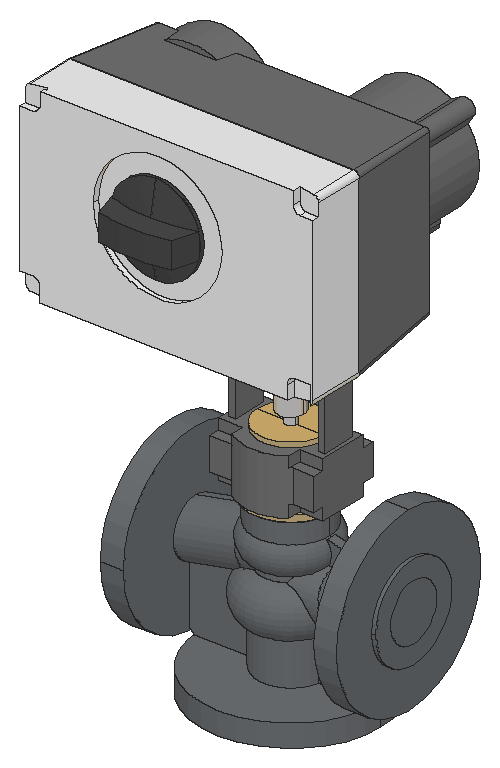
Revit family "VF3_DN15-DN100_AMV(E) 438 SU_RFA_2", category Pipe Accessories, Revit 2019
Family settings
  Round Connector Dimension = Use Diameter
  Part Type = Valve - Breaks Into
  OmniClass Number = 23.65.55.14.17
  OmniClass Title = Adjusting/Controlling Valves for Liquid Services
  Work Plane-Based = No
  Always vertical = Yes
  Cut with Voids When Loaded = No
  Shared = No
Parameters (values of type "VF3_DN15_Kv0.63_065Z0251")
  l_Top = 3 mm
  W = if(DN > 32 mm, D_Flange, 137.6 mm)  # 137.6 mm
  Voltage = if(Actuator Type = [082H0123], 230 V, 24 V)  # 24 V
  V_SMALL LOD 200 = if(and(LOD 200, DN < 100 mm), 1 = 1, 1 = 0)  # no
  TL = L2 * 2  # 130 mm
  Power = if(Actuator Type = [082H0121], 14 VA, 12 VA)  # 14 VA
  Nominal Pressure = "PN 16"  # constant formula
  L_EXT = 80 mm
  L = L2 * 2  # 130 mm
  HR = 27 mm
  ang2D [instance] = 0.00°
  Z = 22.25 mm
  Y1 = 15 mm
  Weight = 2.61 kg
  W2D = 15 mm
  W2 = 16 mm
  W1 = 17 mm
  Valve Body Material = Danfoss Grey Iron
  V_SMALL = if(and(LOD 350, DN < 100 mm), 1 = 1, 1 = 0)  # yes
  V_DN100 = if(DN > 80 mm, 1 = 1, 1 = 0)  # no
  Use Minimum Symbol Size [instance] = no
  URL = "https://store.danfoss.com/en/Climate-Solutions-for-heating/Motorised-Control-Valves-/Globe-Valves/Valves-for-Heating-and-Cooling/c/4105?q=%3Arelevance%3Adanfoss_producttypehierarchydesc%3Ae5a83680a2ce9032a48df51b56ab71b31be6d845%3Adanfoss_a50461501115_fts%3ATA1_1501116%3Adanfoss_a1015338478.nominal%3A15.0%3Adanfoss_a1015338478.nominal%3A20.0%3Adanfoss_a1015338478.nominal%3A25.0%3Adanfoss_a1015338478.nominal%3A32.0%3Adanfoss_a1015338478.nominal%3A40.0%3Adanfoss_a1015338478.nominal%3A65.0%3Adanfoss_a1015338478.nominal%3A80.0%3Adanfoss_a1015338478.nominal%3A100.0&page=0&pageSize=10"
  Stroke = "10 mm"
  R_arc = 30 mm
  R_Top = 12.5 mm
  R6_2 = 26 mm
  R6 = 22.5 mm
  R_Flow Pipe = 15 mm
  R4 = 2.75 mm
  R_Flange Bottom = 48 mm
  R2_Revolve = 6 mm
  R2 = 11 mm
  R1_Revolve = 9 mm
  R1_2 = 12.5 mm
  R1_1_1 = 15.5 mm
  R1_1 = 16 mm
  R1 = 20.5 mm
  R = 7.5 mm
  Pressure Drop [instance] = 0.0 bar
  Offset Flow Pipe_1 = 7 mm
  Offset Flow Pipe_2 = 6.47 mm
  N2 = 5 mm
  N1 = 12.7 mm
  N = 4
  Model Type = "VF3_DN15_Kv0.63"
  Model = "065Z0251"
  Min Medium Temperature = "-10 °C"  # constant formula
  Max Medium Temperature = "130 °C"  # constant formula
  Manufacturer = "Danfoss"  # constant formula
  M = 2 mm
  L_S = 48 mm
  LOD 350 = not(LOD 200)  # yes
  LOD 200 = no
  LM1 = 55 mm
  LM = 110 mm
  L2D_Min = 30.48 mm
  L2D = 130 mm
  L2 = 65 mm
  Kvs = 0.63 m³/h
  K = 65 mm
  IfcExportType = "VF3"  # constant formula
  IfcExportAs = "IfcValveType"  # constant formula
  HT2 = 23.5 mm
  HT1 = 42.75 mm
  HR1 = 23 mm
  TH1 = HH1 + 10 mm  # 95 mm
  HH1 = 85 mm
  HE1 = 54 mm
  HE = 0 mm
  HD = 14 mm
  HB3 = 2.5 mm
  HB2__ve = -HB2  # -8.5 mm
  HB2 = 8.5 mm
  HB1__ve = -HB1  # -40 mm
  HB1 = 40 mm
  H1 = 31 mm
  H2 = 95 mm
  H [instance] = 278.7 mm
  Flow [instance] = 0.0 m³/h
  Flange Bottom Depth = 12 mm
  EXT3 = 20 mm
  D_Connection End = 50 mm
  D_Flange = 95 mm
  Extrusion Top 2 = 5 mm
  Extrusion Top = 21 mm
  Extrusion Bottom = 48.5 mm
  EXT2 = -50 mm
  Description = "Motorized Control Valve"  # constant formula
  R_Vertical Valve = 18 mm
  DN15 to DN50 = if(and(DN > 10 mm, DN < 65 mm), 1 = 1, 1 = 0)  # yes
  DN = 15 mm
  D = DN  # 15 mm
  Connection = "Flange"  # constant formula
  C__ve = -C  # -2.5 mm
  CAT = 0
  C2_ve = -Depth_Flange  # -12 mm
  Depth_Flange = 12 mm
  C1 = 8 mm
  C = 2.5 mm
  HH2 = 63 mm
  Adapter assembly = 1.5 mm
  Adapter Type = Adapter_AMV(E)_RFA : Adapter_AMV(E) 15(25)(35)_DN15-50_065Z0311
  Actuator Type = AMV(E) 438 SU_RFA : AMV 438 SU_24V_082H0122
  A_Flow Pipe = 166.00°
  A2 = 47.1206°
  A3 = 13.00°
  A1_Flow Pipe = 168.00°
  A1 = 3 mm
  082H0123 = AMV(E) 438 SU_RFA : AMV 438 SU_230V_082H0123
  082H0121 = AMV(E) 438 SU_RFA : AMV 438 SU_24V_082H0122
Reference planes
  plane 1 "Center (Front/Back)": y = 0
  plane 2 "XYPLANE": z = 0
  plane 3 "Center (Left/Right)": x = 0
  plane 4 "110": z = -40
  plane 5 "109": z = -63
  plane 6 "108": x = -62.5
  plane 7 "107": x = 65
  plane 8 "106": x = -65
  plane 9 "105": y = 0
  plane 10 "104": z = 0
  plane 11 "103": x = 0
  plane 12 "101": z = 85
  plane 13 "1": x = 62.5
  plane 14 "X1": z = 31
  plane 15 "X2": z = 31
  plane 16 "3": z = 54
  plane 17 "4": z = -60.5
  plane 18: z = 81.5
  plane 19: z = 79.5
  plane 20: x = 3
  plane 21: z = -48.5
  plane 22: z = -45.5
  plane 23: z = 21
  plane 24 "y1": x = 17.5
  plane 25: z = 5
  plane 26: x = 48
  plane 27: x = -16
  plane 28: x = -17.5
  plane 29: x = 85
  plane 30: x = -85
  plane 31: x = -55
  plane 32: x = 55
  plane 33: y = -85
  plane 34: y = 85
  plane 35: y = 55
  plane 36: y = -55
  plane 37: y = -47.5
  plane 38: y = 47.5
  plane 39: z = 32.5
Forms (mm)
  Extrusion 1, solid, material "Danfoss Grey Iron" <- "Valve Body Material", detail levels fine
    sketch origin (0, 0, 0) x (1, 0, 0) y (0, 1, 0)
      loop
        circle (0, 0) r 18
    from -22.1 to -50 <- "EXT2"
  Extrusion 2, solid, material "Danfoss Grey Iron" <- "Valve Body Material", detail levels fine
    sketch origin (-65, -750, 0) x (0, 1, 0) y (0, 0, 1)
      loop
        circle (750, 0) r 25
    from 0 to 2.5 <- "C"
  Extrusion 3, solid, material "Danfoss Grey Iron" <- "Valve Body Material", detail levels fine
    sketch origin (65, -750, 0) x (0, 1, 0) y (0, 0, 1)
      loop
        circle (750, 0) r 25
    from 0 to -2.5 <- "C__ve"
  Extrusion 4, solid, material "Danfoss Grey Iron" <- "Valve Body Material", visible <- "V_SMALL", detail levels fine
    sketch origin (0, 0, 0) x (1, 0, 0) y (0, 1, 0)
      loop
        circle (0, 0) r 20.5
      loop
        circle (0, 0) r 16
    from 20 <- "EXT3" to 31 <- "H1"
  Extrusion 5, solid, not visible
    sketch origin (-750, 0, -63) x (1, 0, 0) y (0, 1, 0)
      loop
        circle (750, 0) r 10
    from 0 to 10
  Extrusion 6, solid, not visible
    sketch origin (65, -750, 0) x (0, 1, 0) y (0, 0, 1)
      loop
        circle (750, 0) r 10
    from 0 to -10
  Extrusion 7, solid, not visible
    sketch origin (-65, -750, 0) x (0, 1, 0) y (0, 0, 1)
      loop
        circle (750, 0) r 10
    from 0 to 10
  Extrusion 8, solid, material "Danfoss Grey Iron" <- "Valve Body Material", detail levels fine
    sketch origin (-62.5, -750, 0) x (0, 1, 0) y (0, 0, 1)
      loop
        circle (750, 0) r 47.5
    from 0 to 12 <- "Depth_Flange"
  Extrusion 9, solid, material "Danfoss Grey Iron" <- "Valve Body Material", detail levels fine
    sketch origin (62.5, 0, 0) x (0, 0, 1) y (0, -1, 0)
      loop
        circle (0, 0) r 47.5
    from 0 to -12 <- "C2_ve"
  Extrusion 10, solid, material "Danfoss Brass", visible <- "LOD 350", detail levels fine
    sketch origin (0, 0, 31) x (-1, 0, 0) y (0, -1, 0)
      loop
        circle (0, 0) r 12.5
    from -10 to 0 <- "HE"
  Extrusion 11, solid, material "Danfoss Brass", visible <- "LOD 350", detail levels fine
    sketch origin (0, 0, 31) x (-1, 0, 0) y (0, -1, 0)
      loop
        circle (0, 0) r 15.5
    from 0 to -10
  Extrusion 12, solid, material "Danfoss Grey Iron" <- "Valve Body Material", visible <- "LOD 350", detail levels fine
    sketch origin (0, 0, 0) x (1, 0, 0) y (0, 0, 1)
      loop
        line (-50.5, -45.5) -> (-47.714, -48.5) -> (47.714, -48.5) -> (50.5, -45.5) -> (50.5, 0) -> (-50.5, 0) -> (-50.5, -45.5)
    from -4 to 4
  Extrusion 13, solid, material "Danfoss Grey Iron" <- "Valve Body Material", detail levels fine
    sketch origin (0, 0, -60.5) x (-1, 0, 0) y (0, -1, 0)
      loop
        circle (0, 0) r 48
    from 0 to 12 <- "Flange Bottom Depth"
  Revolve 14, solid, material "Danfoss Grey Iron" <- "Valve Body Material", visible <- "V_SMALL LOD 200", detail levels fine
    sketch origin (0, 0, 0) x (1, 0, 0) y (0, 0, 1)
      loop
        line (0, 30) -> (0, -30)
        arc (0, -30) -> (21.213, -21.213) -> (30, 0) r 30
        arc (30, 0) -> (21.213, 21.213) -> (0, 30) r 30
      axis (0, 30) -> (0, -30)
    angle from 0 to 360
  Revolve 15, solid, material "Danfoss Stainless Steel AISI 304 / AISI 316L", detail levels fine
    sketch origin (0, 0, 0) x (1, 0, 0) y (0, 0, 1)
      loop
        line (0, 54) -> (3, 54) -> (3, 79.5) -> (2, 79.5) -> (2, 81.5) -> (3, 81.5) -> (3, 82.495) -> (1.246, 85) -> (0, 85) -> (0, 54)
      axis (0, 85) -> (0, 54)
    angle from 0 to 360
  Blend 16, solid, material "Danfoss Grey Iron" <- "Valve Body Material", detail levels fine
    base sketch origin (-750, 0, -63) x (1, 0, 0) y (0, 1, 0)
      loop
        circle (750, 0) r 22.5
    top sketch origin (-750, 0, -63) x (1, 0, 0) y (0, 1, 0)
      loop
        circle (750, 0) r 26
    from 0 to 2.5 <- "HB3"
  Sweep 17, solid, material "Danfoss Grey Iron" <- "Valve Body Material", detail levels fine
    path origin (0, 0, 0) x (1, 0, 0) y (0, 0, 1)
      loop
        line (-65, 0) -> (-50.5, 0) -> (-17.568, 7) -> (0, 7)
    profile origin (-57.75, 0, 0) x (0, 0, 1) y (0, -1, 0)
      loop
        circle (0, 0) r 15
  Sweep 18, solid, material "Danfoss Grey Iron" <- "Valve Body Material", detail levels fine
    path origin (0, 0, 0) x (1, 0, 0) y (0, 0, 1)
      loop
        line (69.52, 0) -> (52.304, 0) -> (26.352, -6.47) -> (0, -6.47)
    profile origin (60.912, 0, 0) x (0, 0, -1) y (0, -1, 0)
      loop
        circle (0, 0) r 15
  Extrusion 19, solid, material "Danfoss Brass", visible <- "LOD 350", detail levels fine
    sketch origin (0, 0, 31) x (-1, 0, 0) y (0, -1, 0)
      loop
        circle (0, 0) r 12.5
    from 0 to 23
  Extrusion 20, solid, material "Danfoss Grey Iron" <- "Valve Body Material", visible <- "LOD 350", detail levels fine
    sketch origin (0, 0, 0) x (1, 0, 0) y (0, 0, 1)
      loop
        line (17.5, 5) -> (50.5, 5) -> (50.5, 13.381) -> (17.5, 21) -> (17.5, 5)
    from -2.5 to 2.5
  Extrusion 21, void
    sketch origin (0, 0, 0) x (1, 0, 0) y (0, 0, 1)
      loop
        line (65, -40) -> (105, -40) -> (105, 21) -> (65, 21) -> (65, -40)
    from -48.024 to 48.024
  Extrusion 22, solid, material "Danfoss Brass", visible <- "LOD 200", detail levels fine
    sketch origin (0, 0, 31) x (-1, 0, 0) y (0, -1, 0)
      loop
        circle (0, 0) r 12.5
    from 0 to 23
  Extrusion 23, solid, material "Danfoss Grey Iron" <- "Valve Body Material", visible <- "LOD 200", detail levels fine
    sketch origin (0, 0, 0) x (1, 0, 0) y (0, 1, 0)
      loop
        circle (0, 0) r 20.5
    from 0 to 31
  Revolve 24, solid, material "Danfoss Grey Iron" <- "Valve Body Material", visible <- "V_SMALL", detail levels fine
    sketch origin (0, 0, 0) x (1, 0, 0) y (0, 0, 1)
      loop
        line (0, -27) -> (0, 23) -> (-17.5, 23)
        arc (-17.5, 23) -> (-23.469, 12.664) -> (-16, 3.354) r 10.57
        line (-16, 3.354) -> (-16, 0)
        arc (-16, 0) -> (-26.5, -13.5) -> (-16, -27) r 13.929
        line (-16, -27) -> (0, -27)
      axis (0, 23) -> (0, -27)
    angle from 0 to 360
  Extrusion 25, solid, material "Danfoss Grey Iron" <- "Valve Body Material", visible <- "V_DN100", detail levels fine
    sketch origin (0, 0, 0) x (1, 0, 0) y (0, 1, 0)
      loop
        arc (-55, 85) -> (-76.213, 76.213) -> (-85, 55) r 30
        line (-85, 55) -> (-85, -55)
        arc (-85, -55) -> (-76.213, -76.213) -> (-55, -85) r 30
        line (-55, -85) -> (55, -85)
        arc (55, -85) -> (76.213, -76.213) -> (85, -55) r 30
        line (85, -55) -> (85, 55)
        arc (85, 55) -> (76.213, 76.213) -> (55, 85) r 30
        line (55, 85) -> (-55, 85)
    from -72.476 to 72.5
Cuts and joins
  Extrusion 21 cuts Extrusion 3
  Extrusion 21 cuts Extrusion 6
  Extrusion 21 cuts Sweep 18
Lines and regions (mm)
  reference lines, not visible
    curve 1: circle (2, 2, 0) r 1 normal (0, 0, 1)
Dimensions and locks
  plane 1 "Center (Front/Back)" to curve 1 = 2 mm
  "HB1": plane 2 "XYPLANE" to plane 4 "110"
  "HH2": plane 2 "XYPLANE" to plane 5 "109"
  "C": plane 8 "106" to plane 6 "108"
  "L2": plane 3 "Center (Left/Right)" to plane 7 "107"
  "L2": plane 3 "Center (Left/Right)" to plane 8 "106"
  locked: plane 1 "Center (Front/Back)" to plane 9 "105"
  locked: plane 2 "XYPLANE" to plane 10 "104"
  locked: plane 3 "Center (Left/Right)" to plane 11 "103"
  "C": plane 13 "1" to plane 7 "107"
  "H1": plane 14 "X1" to level
  "HE": plane 15 "X2" to plane 14 "X1"
  "HH1": plane 12 "101" to level
  "HE1": plane 16 "3" to level
  plane 18 to plane 19 = 2 mm
  plane 12 "101" to plane 18 = 3.5 mm
  plane 20 to plane 11 "103" = 3 mm
  Revolve 15 sketch curve to Revolve 15 sketch curve = 1 mm  (x2)
  Revolve 15 sketch curve to Revolve 15 sketch curve = 0.995 mm
  "HB3": plane 17 "4" to plane 5 "109"
  "Offset Flow Pipe_1": Sweep 17 sketch curve to Sweep 17 sketch curve
  plane 7 "107" to plane 8 "106" = 130 mm
  "Extrusion Bottom": level to plane 21
  "A1": plane 22 to plane 21
  Extrusion 12 sketch curve to plane 21 = 0 mm  (x2)
  Extrusion 12 sketch curve to plane 22 = 0 mm
  "Offset Flow Pipe_2": Extrusion 12 to Sweep 18 sketch curve
  Sweep 18 sketch curve to Sweep 18 sketch curve = 26.352 mm
  "Extrusion Top": plane 23 to level
  "Extrusion Top 2": plane 25 to level
  Extrusion 20 sketch curve to plane 23 = 0 mm
  Extrusion 21 sketch curve to plane 7 "107" = 40 mm
  "L_S": plane 26 to plane 3 "Center (Left/Right)"
  "W2": plane 3 "Center (Left/Right)" to plane 27
  Revolve 24 sketch curve to Revolve 24 sketch curve = 3.354 mm
  "R1_Revolve": plane 28 to Revolve 24 sketch curve
  "R2_Revolve": plane 28 to Revolve 24 sketch curve
  "HR": level to Revolve 24 sketch curve
  "HR1": Revolve 24 sketch curve to level
  "l_Top": plane 20 to plane 11 "103"
  locked: plane 30 to plane 29 at 170
  equal spacing: plane 30, plane 11 "103", plane 29
  locked: plane 33 to plane 34 at 170
  equal spacing: plane 33, plane 9 "105", plane 34
  "L_EXT": plane 24 "y1" to plane 6 "108"
  "H": nested 2 to plane 5 "109"
  equal spacing: plane 37, plane 1 "Center (Front/Back)", plane 38
  "D_Flange": plane 37 to plane 38
  "Adapter assembly": plane 39 to plane 15 "X2"
  locked: nested 2 to plane 39 at 3.2
  "R_Vertical Valve": radius of Extrusion 1 sketch curve
  "D_Connection End": diameter of Extrusion 2 sketch curve
  "D_Connection End": diameter of Extrusion 3 sketch curve
  "R1": radius of Extrusion 4 sketch curve
  "D_Flange": diameter of Extrusion 8 sketch curve
  "R1_1": radius of Extrusion 4 sketch curve
  "R1_2": radius of Extrusion 10 sketch curve
  "R1_1_1": radius of Extrusion 11 sketch curve
  "R_Flange Bottom": radius of Extrusion 13 sketch curve
  "R_arc": radius of Revolve 14 sketch curve  (x2)
  "R6": radius of Blend 16 sketch curve
  "R6_2": radius of Blend 16 sketch curve
  "D_Flange": diameter of Extrusion 9 sketch curve
  "R_Flow Pipe": radius of Sweep 17 sketch curve
  "R_Flow Pipe": radius of Sweep 18 sketch curve
  "R_Top": radius of Extrusion 19 sketch curve
  "R_Top": radius of Extrusion 22 sketch curve
  "R1": radius of Extrusion 23 sketch curve
  radius of Extrusion 25 sketch curve = 30 mm  (x4)
  "A1_Flow Pipe": angle Sweep 17 sketch curve to level
  "A3": angle Extrusion 20 sketch curve to plane 23
  "A2": angle Extrusion 12 sketch curve to plane 21
  "A2": angle plane 21 to Extrusion 12 sketch curve
  "A_Flow Pipe": angle Sweep 18 sketch curve to level
  aligned and locked: level to plane 2 "XYPLANE"
  aligned and locked: plane 9 "105" to Extrusion 1 sketch curve
  aligned and locked: plane 11 "103" to Extrusion 1 sketch curve
  aligned and locked: Extrusion 2 sketch curve to plane 9 "105"
  aligned and locked: plane 10 "104" to Extrusion 2 sketch curve
  aligned and locked: Extrusion 3 sketch curve to plane 9 "105"
  aligned and locked: plane 10 "104" to Extrusion 3 sketch curve
  aligned and locked: plane 9 "105" to Extrusion 4 sketch curve
  aligned and locked: plane 11 "103" to Extrusion 4 sketch curve
  aligned and locked: plane 9 "105" to Extrusion 5 sketch curve
  aligned and locked: plane 11 "103" to Extrusion 5 sketch curve
  aligned and locked: Extrusion 6 sketch curve to plane 9 "105"
  aligned and locked: plane 10 "104" to Extrusion 6 sketch curve
  aligned and locked: Extrusion 7 sketch curve to plane 9 "105"
  aligned and locked: plane 10 "104" to Extrusion 7 sketch curve
  aligned and locked: plane 1 "Center (Front/Back)" to Extrusion 8 sketch curve
  aligned and locked: plane 1 "Center (Front/Back)" to Extrusion 9 sketch curve
  aligned and locked: plane 3 "Center (Left/Right)" to Extrusion 10 sketch curve
  aligned and locked: Extrusion 8 to Extrusion 12 sketch curve
  aligned and locked: Extrusion 9 to Extrusion 12 sketch curve
  aligned and locked: Extrusion 12 sketch curve to level
  aligned and locked: plane 3 "Center (Left/Right)" to Extrusion 13 sketch curve
  aligned and locked: Revolve 14 sketch curve to plane 3 "Center (Left/Right)"
  aligned and locked: level to Revolve 14 sketch curve
  aligned and locked: Revolve 14 sketch curve to Revolve 14 sketch curve
  aligned and locked: Revolve 15 sketch curve to plane 16 "3"
  aligned and locked: Revolve 15 sketch curve to plane 11 "103"
  aligned and locked: Revolve 15 sketch curve to plane 20
  aligned and locked: Revolve 15 sketch curve to plane 19
  aligned and locked: Revolve 15 sketch curve to plane 12 "101"
  aligned and locked: plane 18 to Revolve 15 sketch curve
  aligned and locked: plane 16 "3" to Revolve 15 sketch curve
  aligned and locked: plane 12 "101" to Revolve 15 sketch curve
  aligned and locked: plane 3 "Center (Left/Right)" to Blend 16 sketch curve  (x2)
  aligned and locked: Sweep 17 sketch curve to plane 8 "106"
  aligned and locked: plane 1 "Center (Front/Back)" to Sweep 17 sketch curve
  aligned and locked: Sweep 17 sketch curve to plane 2 "XYPLANE"
  aligned and locked: Extrusion 8 to Sweep 17 sketch curve
  aligned and locked: plane 1 "Center (Front/Back)" to Sweep 18 sketch curve
  aligned and locked: plane 3 "Center (Left/Right)" to Sweep 17 sketch curve
  aligned and locked: plane 3 "Center (Left/Right)" to Sweep 18 sketch curve
  aligned and locked: plane 25 to Extrusion 20 sketch curve
  aligned and locked: plane 24 "y1" to Extrusion 20 sketch curve
  aligned and locked: Extrusion 9 to Extrusion 20 sketch curve
  aligned and locked: Extrusion 21 sketch curve to plane 4 "110"
  aligned and locked: Extrusion 21 sketch curve to plane 7 "107"
  aligned and locked: Extrusion 12 sketch curve to plane 21
  aligned and locked: plane 22 to Extrusion 12 sketch curve
  aligned and locked: plane 16 "3" to Extrusion 22
  aligned and locked: plane 15 "X2" to Extrusion 23
  aligned and locked: Extrusion 11 to plane 23
  aligned and locked: plane 28 to Revolve 24 sketch curve
  aligned and locked: Revolve 24 sketch curve to plane 27
  aligned and locked: plane 3 "Center (Left/Right)" to Revolve 24 sketch curve
  aligned and locked: level to Revolve 24 sketch curve
  aligned and locked: Extrusion 4 to Revolve 24 sketch curve
  aligned and locked: Revolve 24 sketch curve to plane 11 "103"
  aligned and locked: level to Sweep 18 sketch curve
  aligned and locked: plane 34 to Extrusion 25 sketch curve
  aligned and locked: Extrusion 25 sketch curve to plane 33
  aligned and locked: plane 30 to Extrusion 25 sketch curve
  aligned and locked: plane 3 "Center (Left/Right)" to nested 1
  aligned and locked: plane 16 "3" to Extrusion 19
  aligned and locked: Extrusion 10 to plane 23
  aligned and locked: nested 3 to plane 9 "105"
  aligned and locked: nested 2 to plane 9 "105"
  aligned and locked: plane 11 "103" to nested 3
  aligned and locked: nested 3 to plane 39
  aligned and locked: plane 11 "103" to nested 2
Automatic sketch dimensions
  plane 1 "Center (Front/Back)" to Extrusion 5 sketch curve = 10 mm
  plane 1 "Center (Front/Back)" to Extrusion 6 sketch curve = 10 mm
  plane 1 "Center (Front/Back)" to Extrusion 7 sketch curve = 10 mm
  plane 3 "Center (Left/Right)" to curve 1 = 2 mm
  Extrusion 21 sketch curve to plane 23 = 0 mm
  Extrusion 25 sketch curve to plane 32 = 0 mm
  Extrusion 4 sketch curve to Extrusion 4 sketch curve = 0 mm  (x2)
  Extrusion 8 sketch curve to level = 0 mm
  Extrusion 9 sketch curve to level = 0 mm
  plane 1 "Center (Front/Back)" to Extrusion 10 sketch curve = 0 mm
  plane 1 "Center (Front/Back)" to Extrusion 11 sketch curve = 0 mm
  Extrusion 11 sketch curve to plane 3 "Center (Left/Right)" = 0 mm
  plane 1 "Center (Front/Back)" to Extrusion 13 sketch curve = 0 mm
  Revolve 14 sketch curve to plane 4 "110" = 0 mm
  Revolve 14 sketch curve to plane 14 "X1" = 0 mm
  Revolve 15 sketch curve to plane 3 "Center (Left/Right)" = 0 mm
  plane 3 "Center (Left/Right)" to Revolve 15 sketch curve = 1.246 mm
  plane 1 "Center (Front/Back)" to Blend 16 sketch curve = 0 mm  (x2)
  profile plane to Sweep 17 sketch curve = 0 mm
  plane 7 "107" to Sweep 18 sketch curve = 4.52 mm
  Sweep 18 sketch curve to profile plane = 0 mm
  plane 1 "Center (Front/Back)" to Extrusion 19 sketch curve = 0 mm
  Extrusion 19 sketch curve to plane 3 "Center (Left/Right)" = 0 mm
  plane 1 "Center (Front/Back)" to Extrusion 22 sketch curve = 0 mm
  Extrusion 22 sketch curve to plane 3 "Center (Left/Right)" = 0 mm
  plane 1 "Center (Front/Back)" to Extrusion 23 sketch curve = 0 mm
  Extrusion 23 sketch curve to plane 3 "Center (Left/Right)" = 0 mm
  Revolve 24 sketch curve to plane 27 = 0 mm
  Revolve 24 sketch curve to plane 4 "110" = 0.457 mm
  radius of curve 1 = 1 mm
Nested families
  nested 1: "Schematic_3-Way Valve_Flange" at (0, 0, 0), type "Schematic_3-Way Valve_Flange", detail levels coarse+medium
    with L_1 43.333 mm, L1 8.125 mm, L 130 mm, H1 63 mm, H 85 mm, D1 48 mm
  nested 2: "AMV(E) 438 SU_RFA" at (0, 0, 35.7), LOD 200 <- "LOD 200", type <- "Actuator Type", Voltage <- "Voltage", Power <- "Power", visible <- "DN15 to DN50", type "AMV 438 SU_24V_082H0122", detail levels fine
    with Voltage 24 V, Power 14 VA, LOD 350 yes, LOD 200 no
  nested 3: "Adapter_AMV(E)_RFA" at (0, 0, 32.5), type <- "Adapter Type", visible <- "DN15 to DN50", type "Adapter_AMV(E) 15(25)(35)_DN15-50_065Z0311", detail levels fine
Connectors
  piping at (-65, 0, 0), diameter 15, driven by "D", driven by "Flow"
    settings: on Extrusion 7, index 1, connector inside diameter 609.6 mm, connector length 0 mm, flow factor 0, pipe flow 0.0 m³/h, pressure drop 0.0 bar, fitting loss kfactor 0, connector angle 0.00°, fixture units 0, engagement length 0 mm, angle of deflection 0.00°, flow configuration 0, flow direction 0, fitting loss method 0, system type 29, joint type 0, gender type 0, connector reference index 2, connector utility 0, adjustable connector no, is connector primary yes, connector description ""
  piping at (65, 0, 0), diameter 15, driven by "D", driven by "Flow"
    settings: on Extrusion 6, index 2, connector inside diameter 609.6 mm, connector length 0 mm, flow factor 0, pipe flow 0.0 m³/h, pressure drop 0.0 bar, fitting loss kfactor 0, connector angle 0.00°, fixture units 0, engagement length 0 mm, angle of deflection 0.00°, flow configuration 0, flow direction 0, fitting loss method 0, system type 29, joint type 0, gender type 0, connector reference index 1, connector utility 0, adjustable connector no, is connector primary no, connector description ""
  piping at (0, 0, -63), diameter 15, driven by "D", driven by "Flow"
    settings: on Extrusion 5, index 3, connector inside diameter 609.6 mm, connector length 0 mm, flow factor 0, pipe flow 0.0 m³/h, pressure drop 0.0 bar, fitting loss kfactor 0, connector angle 0.00°, fixture units 0, engagement length 0 mm, angle of deflection 0.00°, flow configuration 0, flow direction 0, fitting loss method 0, system type 29, joint type 0, gender type 0, connector reference index -1, connector utility 0, adjustable connector no, is connector primary no, connector description ""
  electrical at (0, 0, 0), driven by "Voltage", driven by "Power"
    settings: index 22, voltage 24 V, apparent load 0 VA, apparent load phase1 14 VA, apparent load phase2 0 VA, apparent load phase3 0 VA, power factor 0.95, load classification "HVAC", number of poles 1, system type 31, power factor state 1, is connector primary yes, connector utility no, sub classification motor no, connector description ""
Definition of nested family "AMV(E) 438 SU_RFA"
  Parameters (values of type "AME 438 SU_24V_082H0121")
    Weight = 2.30 kg  # constant formula
    W [instance] = 137.6 mm
    Voltage [instance] = 24 V
    URL = "https://store.danfoss.com/en/Climate-Solutions-for-heating/Motorised-Control-Valves/Actuators-for-Globe-Valves/Actuators-With-Safety-Function/c/4110?q=%3Arelevance%3Adanfoss_producttypehierarchydesc%3AAME+438+SU%3Adanfoss_producttypehierarchydesc%3AAMV+438+SU&text="
    Speed = "15 s/mm"  # constant formula
    Safety Function = "Spring Up"  # constant formula
    Power Supply = "24 V"
    Power Consumption = "14 W"
    Power [instance] = 14 VA
    Output Signal = "0-10 V"
    Model Type = "AME 438 SU_24V"
    Model = "082H0121"
    Min Ambient Temperature = "0 °C"  # constant formula
    Max Stroke = 15 mm  # constant formula
    Max Medium Temperature = "150 °C"  # constant formula
    Max Ambient Temperature = "55 °C"  # constant formula
    Manufacturer = "Danfoss"  # constant formula
    LOD 350 [instance] = not(LOD 200)  # yes
    LOD 200 [instance] = no
    L [instance] = 155 mm
    IfcExportType = "AME 438 SU"
    IfcExportAs = "IfcActuatorType"  # constant formula
    H [instance] = 180 mm
    Description = "Gear Actuator"  # constant formula
    Control Input Signal = "0-10 V / 0-20 mA"
    Closing Force = "450 N"  # constant formula
    Body Material = none
  Types (4, lengths in mm): name | Voltage | Power Supply | Power Consumption | Power | Output Signal | Model Type | Model | IfcExportType | Control Input Signal
    (no name) | 24 V | "24 V" | "14 W" | 14 VA | "0-10 V" | "AME 438 SU_24V" | "082H0121" | "AME 438 SU" | "0-10 V / 0-20 mA"
    AMV 438 SU_24V_082H0122 | 24 V | "24 V" | "12 W" | 12 VA | "End-position feedback" | "AMV 438 SU_24V" | "082H0122" | "AMV 438 SU" | "3-point"
    AME 438 SU_24V_082H0121 | 24 V | "24 V" | "14 W" | 14 VA | "0-10 V" | "AME 438 SU_24V" | "082H0121" | "AME 438 SU" | "0-10 V / 0-20 mA"
    AMV 438 SU_230V_082H0123 | 230 V | "230 V" | "12 W" | 12 VA | "End-position feedback" | "AMV 438 SU_230V" | "082H0123" | "AMV 438 SU" | "3-point"
  Reference planes
    plane 1 "Center (Front/Back)": y = 0
    plane 2: z = 0
    plane 3 "Center (Left/Right)": x = 0
    plane 4: z = 180
    plane 5: x = 28
    plane 6 "1": x = -28
    plane 7: x = 51
    plane 8: x = -104
    plane 9: z = 74
    plane 10: z = 29.5
    plane 11: y = 71.5
    plane 12: y = -66.1
    plane 13: y = -54
    plane 14: y = 34
    plane 15: y = 23
    plane 16: y = -23
    plane 17: x = 22
    plane 18: x = -22
    plane 19: x = 46
    plane 20: x = -99
    plane 21: z = 79
    plane 22: z = 175
    plane 23: z = 176
    plane 24: z = 78
    plane 25: y = -49
    plane 26: z = 173.2
    plane 27: z = 80.8
    plane 28: z = 134.5
    plane 29 "2": x = -31
    plane 30: x = -97
    plane 31: x = 44
    plane 32: x = -71.6
    plane 33: x = 11
    plane 34: y = -18.5
  Forms (mm)
    Extrusion 1, solid, material <- "Body Material", visible <- "LOD 350", detail levels fine
      sketch origin (0, 0, 0) x (1, 0, 0) y (0, 1, 0)
        loop
          arc (-16.248, -19) -> (0, -25) -> (16.248, -19) r 25
          line (16.248, -19) -> (27.62, -19) -> (27.62, 20) -> (15, 20)
          arc (15, 20) -> (0, 25) -> (-15, 20) r 25
          line (-15, 20) -> (-27.62, 20) -> (-27.62, -19) -> (-16.248, -19)
      from 0 to 29.5
    Extrusion 2, solid, material <- "Body Material", visible <- "LOD 350", detail levels fine
      sketch origin (0, 0, 0) x (1, 0, 0) y (0, 0, 1)
        loop
          line (22, 66.67) -> (22, 29.5) -> (25.4, 29.5) -> (25.4, 66.67) -> (22, 66.67)
      from -9 to 9
    Extrusion 3, solid, material <- "Body Material", visible <- "LOD 350", detail levels fine
      sketch origin (0, 0, 0) x (-1, 0, 0) y (0, 0, -1)
        loop
          line (22, -66.67) -> (25.4, -66.67) -> (25.4, -29.5) -> (22, -29.5) -> (22, -66.67)
      from -9 to 9
    Blend 4, solid, visible <- "LOD 350", detail levels fine
      base sketch origin (0, 0, 0) x (1, 0, 0) y (0, 0, 1)
        loop
          line (51, 80.879) -> (51, 173.2)
          arc (51, 173.2) -> (50.295, 175.174) -> (48.5, 176.255) r 3.117
          arc (48.5, 176.255) -> (-26.5, 180.013) -> (-101.5, 176.255) r 750.263
          arc (-101.5, 176.255) -> (-103.295, 175.174) -> (-104, 173.2) r 3.117
          line (-104, 173.2) -> (-104, 80.8)
          arc (-104, 80.8) -> (-103.295, 78.826) -> (-101.5, 77.745) r 3.117
          arc (-101.5, 77.745) -> (-26.535, 73.991) -> (48.429, 77.738) r 751.077
          arc (48.429, 77.738) -> (50.275, 78.849) -> (51, 80.879) r 3.204
      top sketch origin (0, 0, 0) x (1, 0, 0) y (0, 0, 1)
        loop
          line (-104, 173.2) -> (-104, 80.8)
          arc (-104, 80.8) -> (-103.295, 78.826) -> (-101.5, 77.745) r 3.117
          arc (-101.5, 77.745) -> (-26.535, 73.991) -> (48.429, 77.738) r 751.077
          arc (48.429, 77.738) -> (50.275, 78.849) -> (51, 80.879) r 3.204
          line (51, 80.879) -> (51, 173.2)
          arc (51, 173.2) -> (50.295, 175.174) -> (48.5, 176.255) r 3.117
          arc (48.5, 176.255) -> (-26.5, 180.013) -> (-101.5, 176.255) r 750.263
          arc (-101.5, 176.255) -> (-103.295, 175.174) -> (-104, 173.2) r 3.117
      from 18.5 to 49
    Revolve 5, solid, visible <- "LOD 350", detail levels fine
      sketch origin (-31, 0, 0) x (0, 0, 1) y (0, -1, 0)
        loop
          line (158.578, 49) -> (158.578, 50.625) -> (140.681, 54) -> (134.5, 54) -> (134.5, 49) -> (158.578, 49)
        axis (134.5, 49) -> (134.5, 54)
      angle from 0 to 360
    Extrusion 6, solid, visible <- "LOD 350", detail levels fine
      sketch origin (0, 4.396, 0) x (1, 0, 0) y (0, 1, 0)
        loop
          arc (-50.517, -68.508) -> (-30.981, -70.634) -> (-11.456, -68.408) r 88.747
          line (-11.456, -68.408) -> (-7.869, -55.021)
          arc (-7.869, -55.021) -> (-31, -58.764) -> (-54.131, -55.021) r 73.346
          line (-54.131, -55.021) -> (-50.517, -68.508)
      from 127.697 to 141.4
    Extrusion 7, void
      sketch origin (0, 0, 0) x (1, 0, 0) y (0, 0, 1)
        loop
          circle (-31, 134.5) r 34.064
      from 46 to 49
    Extrusion 8, void
      sketch origin (0, 0, 0) x (1, 0, 0) y (0, 0, 1)
        loop
          line (-105.641, 75.49) -> (-93.5, 75.49) -> (-93.5, 84.02)
          arc (-93.5, 84.02) -> (-94.489, 86.765) -> (-97, 88.25) r 4.307
          line (-97, 88.25) -> (-105.641, 88.25) -> (-105.641, 75.49)
        loop
          line (49.641, 75.49) -> (49.641, 88.25) -> (41, 88.25)
          arc (41, 88.25) -> (38.489, 86.765) -> (37.5, 84.02) r 4.307
          line (37.5, 84.02) -> (37.5, 75.49) -> (49.641, 75.49)
        loop
          line (-105.328, 179.135) -> (-105.328, 166.375) -> (-96.687, 166.375)
          arc (-96.687, 166.375) -> (-94.176, 167.86) -> (-93.188, 170.605) r 4.307
          line (-93.188, 170.605) -> (-93.188, 179.135) -> (-105.328, 179.135)
        loop
          line (52.766, 179.135) -> (40.625, 179.135) -> (40.625, 170.605)
          arc (40.625, 170.605) -> (41.614, 167.86) -> (44.125, 166.375) r 4.307
          line (44.125, 166.375) -> (52.766, 166.375) -> (52.766, 179.135)
      from 45 to 49
    Extrusion 9, solid, material <- "Body Material", detail levels fine
      sketch origin (0, 0, 0) x (1, 0, 0) y (0, 0, 1)
        loop
          circle (-71.6, 146.308) r 29.997
      from -23 to -43
    Extrusion 10, solid, material <- "Body Material", visible <- "LOD 350", detail levels fine
      sketch origin (0, 0, 0) x (1, 0, 0) y (0, 0, 1)
        loop
          arc (27.837, 163.055) -> (-1.542, 165.346) -> (-19.807, 142.22) r 31.304
          line (-19.807, 142.22) -> (-28.53, 141.451)
          arc (-28.53, 141.451) -> (-31.852, 140.071) -> (-33.778, 137.033) r 5.971
          arc (-33.778, 137.033) -> (-32.981, 132.201) -> (-28.837, 129.59) r 5.971
          line (-28.837, 129.59) -> (-19.332, 128.925)
          arc (-19.332, 128.925) -> (-8.72, 112.353) -> (9.686, 105.389) r 31.304
          line (9.686, 105.389) -> (12.15, 100.104)
          arc (12.15, 100.104) -> (17.501, 97.376) -> (21.546, 101.816) r 4.951
          line (21.546, 101.816) -> (22.032, 107.369)
          arc (22.032, 107.369) -> (40.861, 127.273) -> (36.815, 154.371) r 31.304
          line (36.815, 154.371) -> (39.673, 159.323)
          arc (39.673, 159.323) -> (38.894, 165.242) -> (32.975, 166.021) r 4.904
          line (32.975, 166.021) -> (27.837, 163.055)
      from -71.5 to -34
    Extrusion 11, void
      sketch origin (0, 0, 0) x (1, 0, 0) y (0, 0, 1)
        loop
          line (-31, 6.656) -> (-31, 0) -> (-15, 0) -> (-15, 6.656) -> (-31, 6.656)
        loop
          line (-31, 29.5) -> (-31, 23.7) -> (-14.998, 23.7) -> (-14.998, 29.5) -> (-31, 29.5)
        loop
          line (31, 6.656) -> (15, 6.656) -> (15, 0) -> (31, 0) -> (31, 6.656)
        loop
          line (31, 29.5) -> (14.998, 29.5) -> (14.998, 23.7) -> (31, 23.7) -> (31, 29.5)
      from 13 to 23
    Extrusion 12, void
      sketch origin (0, 0, 20) x (1, 0, 0) y (0, 0, 1)
        loop
          line (-31, -13.344) -> (-31, -20) -> (-15, -20) -> (-15, -13.344) -> (-31, -13.344)
        loop
          line (-31, 9.5) -> (-31, 3.075) -> (-14.998, 3.075) -> (-14.998, 9.5) -> (-31, 9.5)
        loop
          line (31, -13.344) -> (15, -13.344) -> (15, -20) -> (31, -20) -> (31, -13.344)
        loop
          line (31, 9.5) -> (14.998, 9.5) -> (14.998, 3.075) -> (31, 3.075) -> (31, 9.5)
      from -23 to -13
    Blend 13, solid, material <- "Body Material", visible <- "LOD 350", detail levels fine
      base sketch origin (0, 0, 0) x (1, 0, 0) y (0, 0, 1)
        loop
          line (46, 84.457) -> (46, 169.923)
          arc (46, 169.923) -> (45.381, 171.333) -> (44, 172.016) r 2.252
          arc (44, 172.016) -> (-26.5, 175.001) -> (-97, 172.016) r 833.803
          arc (-97, 172.016) -> (-98.399, 171.314) -> (-99, 169.868) r 2.245
          line (-99, 169.868) -> (-99, 84.555)
          arc (-99, 84.555) -> (-98.521, 83.217) -> (-97.303, 82.487) r 2.109
          arc (-97.303, 82.487) -> (-26.456, 78.998) -> (44.391, 82.496) r 720.254
          arc (44.391, 82.496) -> (45.546, 83.189) -> (46, 84.457) r 2
      top sketch origin (0, 0, 0) x (1, 0, 0) y (0, 0, 1)
        loop
          line (-104, 173.2) -> (-104, 80.8)
          arc (-104, 80.8) -> (-103.295, 78.826) -> (-101.5, 77.745) r 3.117
          arc (-101.5, 77.745) -> (-26.535, 73.991) -> (48.429, 77.738) r 751.077
          arc (48.429, 77.738) -> (50.275, 78.849) -> (51, 80.879) r 3.204
          line (51, 80.879) -> (51, 173.2)
          arc (51, 173.2) -> (50.295, 175.174) -> (48.5, 176.255) r 3.117
          arc (48.5, 176.255) -> (-26.5, 180.013) -> (-101.5, 176.255) r 750.263
          arc (-101.5, 176.255) -> (-103.295, 175.174) -> (-104, 173.2) r 3.117
      from -34 to 18.5
    Extrusion 14, solid, material <- "Body Material", visible <- "LOD 200", detail levels fine
      sketch origin (0, 0, 0) x (0, 1, 0) y (0, 0, 1)
        loop
          line (-18.5, 180) -> (-18.5, 74) -> (34, 74) -> (34, 180) -> (-18.5, 180)
      from -104 to 51
    Extrusion 15, solid, material <- "Body Material", visible <- "LOD 200", detail levels fine
      sketch origin (0, 0, 0) x (1, 0, 0) y (0, 1, 0)
        loop
          line (28, 23) -> (-28, 23) -> (-28, -23) -> (28, -23) -> (28, 23)
      from 0 to 29.5
    Extrusion 16, solid, visible <- "LOD 200", detail levels fine
      sketch origin (0, 0, 0) x (1, 0, 0) y (0, 0, 1)
        loop
          line (-104, 180) -> (-104, 74) -> (51, 74) -> (51, 180) -> (-104, 180)
      from 18.5 to 49
    Extrusion 17, solid, material <- "Body Material", visible <- "LOD 200", detail levels fine
      sketch origin (0, 0, 0) x (1, 0, 0) y (0, 0, 1)
        loop
          circle (11, 136.665) r 31.304
      from -71.5 to -34
    Extrusion 18, solid, material <- "Body Material", visible <- "LOD 200", detail levels fine
      sketch origin (0, 0, 0) x (1, 0, 0) y (0, 0, 1)
        loop
          line (-22, 74) -> (-25.625, 74) -> (-25.625, 29.5) -> (-22, 29.5) -> (-22, 74)
        loop
          line (22, 74) -> (22, 29.5) -> (25.625, 29.5) -> (25.625, 74) -> (22, 74)
      from -9.158 to 8.842
    Extrusion 19, solid, material <- "Body Material", visible <- "LOD 350", detail levels fine
      sketch origin (0, 0, 0) x (1, 0, 0) y (0, 1, 0)
        loop
          arc (-34.009, -3.471) -> (-33.748, -4.299) -> (-33.059, -4.828) r 1.445
          line (-33.059, -4.828) -> (-6.897, -15.933)
          arc (-6.897, -15.933) -> (-0.134, -17.309) -> (6.63, -15.933) r 17.31
          line (6.63, -15.933) -> (33.124, -4.803)
          arc (33.124, -4.803) -> (33.768, -4.27) -> (34.009, -3.471) r 1.445
          line (34.009, -3.471) -> (34.009, 3.471)
          arc (34.009, 3.471) -> (33.766, 4.277) -> (33.116, 4.814) r 1.457
          line (33.116, 4.814) -> (6.343, 16.053)
          arc (6.343, 16.053) -> (-0.134, 17.371) -> (-6.61, 16.053) r 16.576
          line (-6.61, 16.053) -> (-32.954, 4.871)
          arc (-32.954, 4.871) -> (-33.716, 4.347) -> (-34.009, 3.471) r 1.457
          line (-34.009, 3.471) -> (-34.009, -3.471)
      from 66.67 to 79
    Revolve 20, solid, material <- "Body Material", visible <- "LOD 350", detail levels fine
      sketch origin (0, 0, 0) x (1, 0, 0) y (0, 0, 1)
        loop
          line (0, 79) -> (0, 49.15) -> (4, 49.15) -> (4, 55.05) -> (1.999, 55.05) -> (1.999, 57.174) -> (8, 57.174) -> (8, 79) -> (0, 79)
        axis (0, 79) -> (0, 49.15)
      angle from 0 to 360
    Extrusion 21, solid, visible <- "LOD 200", detail levels fine
      sketch origin (0, 0, 0) x (1, 0, 0) y (0, 0, 1)
        loop
          circle (-31, 134.5) r 23.96
      from 49 to 66.1
  Cuts and joins
    Extrusion 7, Extrusion 8 cuts Blend 4
    Extrusion 11, Extrusion 12 cuts Extrusion 1
  Dimensions and locks
    locked: plane 5 to plane 6 "1" at 56
    equal spacing: plane 5, plane 3 "Center (Left/Right)", plane 6 "1"
    locked: plane 4 to plane 9 at 106
    locked: plane 11 to plane 1 "Center (Front/Back)" at 71.5
    locked: plane 1 "Center (Front/Back)" to plane 13 at 54
    locked: plane 14 to plane 13 at 88
    locked: plane 18 to plane 6 "1" at 6
    locked: plane 5 to plane 17 at 6
    plane 19 to plane 20 = 145 mm
    locked: plane 4 to plane 28 at 45.5
    locked: plane 3 "Center (Left/Right)" to plane 29 "2" at 31
    Extrusion 11 sketch curve to Extrusion 11 sketch curve to Extrusion 11 sketch curve = 16.002 mm, 0 mm
    Extrusion 11 sketch curve to Extrusion 11 sketch curve to Extrusion 11 sketch curve = 16 mm, 30 mm
    Extrusion 11 sketch curve to Extrusion 11 sketch curve = 29.996 mm
    Extrusion 11 sketch curve to Extrusion 11 sketch curve = 16.002 mm
    equal spacing: Extrusion 11 sketch curve, Extrusion 11 sketch curve, Extrusion 11 sketch curve
    Extrusion 12 sketch curve to Extrusion 12 sketch curve to Extrusion 12 sketch curve = 16.002 mm, 0 mm
    Extrusion 12 sketch curve to Extrusion 12 sketch curve to Extrusion 12 sketch curve = 16 mm, 30 mm
    Extrusion 12 sketch curve to Extrusion 12 sketch curve = 29.996 mm
    Extrusion 12 sketch curve to Extrusion 12 sketch curve = 16.002 mm
    equal spacing: Extrusion 12 sketch curve, Extrusion 12 sketch curve, Extrusion 12 sketch curve
    locked: plane 1 "Center (Front/Back)" to plane 34 at 18.5
    locked: Extrusion 3 to plane 10 at 37.17
    "L": plane 7 to plane 8
    "H": plane 4 to level
    "W": plane 11 to plane 12
    radius of Extrusion 1 sketch curve = 25 mm  (x2)
    radius of Extrusion 7 sketch curve = 34.064 mm
    radius of Extrusion 9 sketch curve = 29.997 mm
    radius of Extrusion 10 sketch curve = 31.304 mm  (x2)
    radius of Extrusion 10 sketch curve = 4.904 mm
    radius of Extrusion 10 sketch curve = 4.951 mm
    radius of Extrusion 10 sketch curve = 5.971 mm  (x2)
    radius of Blend 13 sketch curve = 2 mm
    radius of Blend 13 sketch curve = 2.109 mm
    radius of Blend 13 sketch curve = 2.252 mm
    radius of Blend 13 sketch curve = 2.245 mm
    radius of Extrusion 17 sketch curve = 31.304 mm
    radius of Extrusion 21 sketch curve = 23.96 mm
    aligned and locked: level to plane 2
    aligned and locked: plane 3 "Center (Left/Right)" to Extrusion 1 sketch curve
    aligned and locked: plane 1 "Center (Front/Back)" to Extrusion 1 sketch curve
    aligned and locked: plane 10 to Extrusion 1
    aligned and locked: Extrusion 2 sketch curve to plane 17
    aligned and locked: Extrusion 2 sketch curve to plane 10
    aligned and locked: Extrusion 3 sketch curve to plane 18
    aligned and locked: Blend 4 sketch curve to plane 8
    aligned and locked: Blend 4 sketch curve to plane 7
    aligned and locked: plane 25 to Blend 4
    aligned and locked: plane 25 to Revolve 5 sketch curve
    aligned and locked: plane 28 to Revolve 5 sketch curve
    aligned and locked: plane 13 to Revolve 5 sketch curve
    aligned and locked: Revolve 5 sketch curve to plane 28
    aligned and locked: Extrusion 6 to Revolve 5
    aligned and locked: plane 29 "2" to Extrusion 7 sketch curve
    aligned and locked: plane 28 to Extrusion 7 sketch curve
    aligned and locked: plane 25 to Extrusion 8
    aligned and locked: Blend 4 to Extrusion 7
    aligned and locked: plane 32 to Extrusion 9 sketch curve
    aligned and locked: plane 33 to Extrusion 10 sketch curve
    aligned and locked: plane 14 to Extrusion 10
    aligned and locked: Extrusion 10 to plane 11
    aligned and locked: plane 15 to Extrusion 9
    aligned and locked: plane 16 to Extrusion 11
    aligned and locked: plane 10 to Extrusion 11 sketch curve
    aligned and locked: Extrusion 11 sketch curve to plane 10
    aligned and locked: Extrusion 12 sketch curve to level
    aligned and locked: level to Extrusion 12 sketch curve
    aligned and locked: plane 10 to Extrusion 12 sketch curve
    aligned and locked: Extrusion 12 sketch curve to plane 10
    aligned and locked: Extrusion 12 to plane 15
    aligned and locked: cut or joined group of Blend 4, Extrusion 7, Extrusion 8 to plane 34
    aligned and locked: Blend 4 sketch curve to var sketch  (x6)
    aligned and locked: plane 19 to Blend 13 sketch curve
    aligned and locked: plane 20 to Blend 13 sketch curve
    aligned and locked: Blend 13 sketch curve to cut or joined group of Blend 4, Extrusion 7, Extrusion 8  (x6)
    aligned and locked: plane 34 to Blend 13
    aligned and locked: Blend 13 to plane 14
    aligned and locked: plane 14 to Extrusion 14 sketch curve
    aligned and locked: plane 4 to Extrusion 14 sketch curve
    aligned and locked: plane 9 to Extrusion 14 sketch curve
    aligned and locked: Extrusion 15 sketch curve to plane 15
    aligned and locked: Extrusion 15 sketch curve to plane 6 "1"
    aligned and locked: Extrusion 15 sketch curve to plane 16
    aligned and locked: Extrusion 15 sketch curve to plane 5
    aligned and locked: plane 10 to Extrusion 15
    aligned and locked: plane 34 to Extrusion 14
    aligned and locked: Extrusion 16 sketch curve to plane 4
    aligned and locked: Extrusion 16 sketch curve to plane 7
    aligned and locked: Extrusion 16 sketch curve to plane 9
    aligned and locked: Extrusion 16 sketch curve to plane 8
    aligned and locked: Extrusion 16 to plane 34
    aligned and locked: plane 25 to Extrusion 16
    aligned and locked: Extrusion 17 sketch curve to Extrusion 10
    aligned and locked: plane 14 to Extrusion 17
    aligned and locked: Extrusion 17 to plane 11
    aligned and locked: Extrusion 18 sketch curve to plane 18
    aligned and locked: Extrusion 18 sketch curve to plane 17
    aligned and locked: Extrusion 18 sketch curve to plane 10  (x2)
    aligned and locked: Extrusion 18 sketch curve to plane 9  (x2)
    aligned and locked: plane 21 to Extrusion 19
    aligned and locked: Revolve 20 sketch curve to plane 3 "Center (Left/Right)"  (x2)
    aligned and locked: Revolve 20 sketch curve to plane 21
    aligned and locked: plane 12 to Extrusion 21
    aligned and locked: Extrusion 21 to plane 25
  Automatic sketch dimensions
    Extrusion 1 sketch curve to Extrusion 1 sketch curve = 0 mm  (x2)
    plane 15 to Extrusion 1 sketch curve = 3 mm  (x2)
    Extrusion 1 sketch curve to plane 16 = 4 mm  (x2)
    plane 6 "1" to Extrusion 1 sketch curve = 0.38 mm
    Extrusion 1 sketch curve to plane 5 = 0.38 mm
    Blend 4 sketch curve to plane 27 = 0 mm
    Blend 4 sketch curve to plane 26 = 0 mm  (x2)
    Blend 4 sketch curve to plane 20 = 1.883 mm  (x2)
    plane 6 "1" to Blend 4 sketch curve = 1.5 mm  (x2)
    plane 27 to Blend 4 sketch curve = 0.079 mm
    Blend 4 sketch curve to Blend 4 sketch curve = 3.204 mm
    Blend 4 sketch curve to Blend 4 sketch curve = 3.117 mm
    Blend 4 sketch curve to level = 570.25 mm
    plane 4 to Blend 4 sketch curve = 645.068 mm
    plane 23 to Blend 4 sketch curve = 0.255 mm
    Blend 4 sketch curve to plane 24 = 0.255 mm
    plane 28 to Revolve 5 sketch curve = 6.181 mm
    plane 25 to Revolve 5 sketch curve = 1.625 mm
    Revolve 5 sketch curve to plane 22 = 16.422 mm
    Revolve 5 sketch curve to plane 25 = 5 mm
    plane 12 to Revolve 5 sketch curve = 11.577 mm
    Extrusion 6 sketch curve to plane 29 "2" = 0 mm
    Extrusion 6 sketch curve to plane 29 "2" = 0.209 mm
    Extrusion 6 sketch curve to plane 12 = 1.988 mm
    Extrusion 6 sketch curve to plane 29 "2" = 19.517 mm
    plane 25 to Extrusion 6 sketch curve = 1.625 mm  (x2)
    Extrusion 6 sketch curve to Extrusion 6 sketch curve = 3.614 mm
    Extrusion 6 sketch curve to plane 12 = 2.088 mm
    Extrusion 6 sketch curve to plane 3 "Center (Left/Right)" = 11.456 mm
    Extrusion 6 sketch curve to Extrusion 6 sketch curve = 3.53 mm
    Extrusion 8 sketch curve to plane 30 = 0 mm
    Extrusion 8 sketch curve to plane 30 = 0.494 mm
    Extrusion 8 sketch curve to plane 30 = 0.807 mm
    Extrusion 8 sketch curve to plane 8 = 1.328 mm
    Extrusion 8 sketch curve to plane 8 = 1.641 mm
    plane 30 to Extrusion 8 sketch curve = 0.313 mm
    plane 9 to Extrusion 8 sketch curve = 1.49 mm  (x2)
    plane 30 to Extrusion 8 sketch curve = 3.5 mm
    Extrusion 8 sketch curve to plane 4 = 0.865 mm  (x2)
    plane 30 to Extrusion 8 sketch curve = 3.812 mm
    Extrusion 8 sketch curve to plane 31 = 6.5 mm
    Extrusion 8 sketch curve to plane 31 = 3.375 mm
    Extrusion 8 sketch curve to plane 31 = 3 mm
    Extrusion 8 sketch curve to plane 31 = 2.193 mm
    plane 31 to Extrusion 8 sketch curve = 0.125 mm
    plane 31 to Extrusion 8 sketch curve = 0.932 mm
    Extrusion 8 sketch curve to plane 7 = 1.359 mm
    plane 7 to Extrusion 8 sketch curve = 1.766 mm
    plane 21 to Extrusion 8 sketch curve = 5.02 mm  (x2)
    Extrusion 8 sketch curve to plane 22 = 8.625 mm  (x2)
    plane 28 to Extrusion 9 sketch curve = 11.808 mm
    Extrusion 10 sketch curve to Extrusion 10 sketch curve = 0 mm  (x7)
    Extrusion 10 sketch curve to plane 33 = 1.314 mm
    plane 18 to Extrusion 10 sketch curve = 2.668 mm
    plane 18 to Extrusion 10 sketch curve = 2.193 mm
    Extrusion 10 sketch curve to plane 6 "1" = 0.006 mm
    Extrusion 10 sketch curve to plane 6 "1" = 0.53 mm
    Extrusion 10 sketch curve to plane 6 "1" = 0.837 mm
    plane 33 to Extrusion 10 sketch curve = 1.15 mm
    Extrusion 10 sketch curve to Extrusion 10 sketch curve = 4.463 mm
    Extrusion 10 sketch curve to plane 17 = 0.454 mm
    plane 17 to Extrusion 10 sketch curve = 0.032 mm
    Extrusion 10 sketch curve to plane 5 = 0.163 mm
    plane 5 to Extrusion 10 sketch curve = 4.975 mm
    Extrusion 10 sketch curve to Extrusion 10 sketch curve = 2.452 mm
    Extrusion 10 sketch curve to plane 31 = 7.185 mm
    Extrusion 10 sketch curve to plane 31 = 4.327 mm
    plane 21 to Extrusion 10 sketch curve = 21.104 mm
    Extrusion 10 sketch curve to Extrusion 10 sketch curve = 5.284 mm
    Extrusion 10 sketch curve to Extrusion 10 sketch curve = 5.553 mm
    Extrusion 10 sketch curve to plane 28 = 4.91 mm
    Extrusion 10 sketch curve to Extrusion 10 sketch curve = 4.951 mm
    plane 28 to Extrusion 10 sketch curve = 2.533 mm
    Extrusion 11 sketch curve to plane 29 "2" = 0 mm
    Extrusion 11 sketch curve to level = 0 mm  (x2)
    plane 5 to Extrusion 11 sketch curve = 3 mm
    level to Extrusion 11 sketch curve = 6.656 mm  (x2)
    Extrusion 11 sketch curve to Extrusion 11 sketch curve = 5.8 mm  (x2)
    Extrusion 12 sketch curve to plane 29 "2" = 0 mm
    plane 5 to Extrusion 12 sketch curve = 3 mm
    Extrusion 12 sketch curve to plane 10 = 22.844 mm  (x2)
    Extrusion 12 sketch curve to Extrusion 12 sketch curve = 6.425 mm  (x2)
    Blend 13 sketch curve to plane 30 = 0 mm
    Blend 13 sketch curve to plane 31 = 0 mm
    plane 6 "1" to Blend 13 sketch curve = 1.5 mm  (x2)
    Blend 13 sketch curve to plane 31 = 0.247 mm
    plane 21 to Blend 13 sketch curve = 5.457 mm
    level to Blend 13 sketch curve = 84.555 mm
    Blend 13 sketch curve to plane 22 = 5.222 mm
    Blend 13 sketch curve to Blend 13 sketch curve = 0.085 mm
    plane 4 to Blend 13 sketch curve = 619.252 mm
    Blend 13 sketch curve to plane 30 = 0.303 mm
    Blend 13 sketch curve to level = 658.801 mm
    Extrusion 14 sketch curve to plane 25 = 30.5 mm
    Extrusion 18 sketch curve to Extrusion 18 sketch curve = 3.625 mm  (x2)
    Extrusion 3 sketch curve to plane 10 = 0 mm
    Extrusion 3 sketch curve to plane 6 "1" = 2.6 mm
    plane 9 to Extrusion 3 sketch curve = 7.33 mm
    Extrusion 2 sketch curve to plane 5 = 2.6 mm
    Extrusion 2 sketch curve to plane 9 = 7.33 mm
    Extrusion 19 sketch curve to plane 29 "2" = 3.009 mm
    Extrusion 19 sketch curve to Extrusion 19 sketch curve = 0.951 mm
    Extrusion 19 sketch curve to Extrusion 19 sketch curve = 1.055 mm
    Extrusion 19 sketch curve to Extrusion 19 sketch curve = 1.445 mm
    Extrusion 19 sketch curve to Extrusion 19 sketch curve = 0.402 mm
    Extrusion 19 sketch curve to plane 3 "Center (Left/Right)" = 6.897 mm
    Extrusion 19 sketch curve to plane 3 "Center (Left/Right)" = 6.61 mm
    Extrusion 19 sketch curve to plane 1 "Center (Front/Back)" = 0.001 mm
    Extrusion 19 sketch curve to plane 3 "Center (Left/Right)" = 0.134 mm  (x2)
    Extrusion 19 sketch curve to plane 33 = 4.657 mm
    Extrusion 19 sketch curve to plane 33 = 4.37 mm
    plane 5 to Extrusion 19 sketch curve = 4.552 mm
    plane 5 to Extrusion 19 sketch curve = 4.564 mm
    Extrusion 19 sketch curve to Extrusion 19 sketch curve = 0.564 mm
    Extrusion 19 sketch curve to Extrusion 19 sketch curve = 1.457 mm
    plane 1 "Center (Front/Back)" to Extrusion 19 sketch curve = 3.471 mm  (x2)
    Extrusion 19 sketch curve to plane 34 = 2.567 mm
    Extrusion 19 sketch curve to Extrusion 19 sketch curve = 0.794 mm
    Extrusion 19 sketch curve to plane 1 "Center (Front/Back)" = 3.471 mm  (x2)
    plane 15 to Extrusion 19 sketch curve = 6.947 mm
    Extrusion 19 sketch curve to Extrusion 19 sketch curve = 0.56 mm
    plane 3 "Center (Left/Right)" to Revolve 20 sketch curve = 1.999 mm
    Revolve 20 sketch curve to Revolve 20 sketch curve = 2.001 mm
    Revolve 20 sketch curve to plane 33 = 3 mm
    Revolve 20 sketch curve to plane 9 = 16.826 mm
    Revolve 20 sketch curve to Revolve 20 sketch curve = 2.124 mm
    Revolve 20 sketch curve to Revolve 20 sketch curve = 5.9 mm
    plane 10 to Revolve 20 sketch curve = 6.895 mm
    plane 21 to Revolve 20 sketch curve = 3.665 mm
    Extrusion 21 sketch curve to plane 28 = 0 mm
    Extrusion 21 sketch curve to plane 29 "2" = 0 mm
Definition of nested family "Adapter_AMV(E)_RFA"
  Parameters (values of type "Adapter_AMV(E) 55(56)_DN65-80_065Z0312")
    W = 45 mm
    URL = "https://store.danfoss.com/en/Climate-Solutions-for-heating/Motorised-Control-Valves/Actuators-for-Globe-Valves/Accessories-for-actuators/AdapAMx55-56-y23-VRB-G%2CVF-L2009dn65-80/p/065Z0312"
    Model Type = "Adapter_AMV(E) 55(56)_DN65-80"
    Model = "065Z0312"
    Manufacturer = "Danfoss"  # constant formula
    L = 45 mm
    IfcExportType = "Adapter"  # constant formula
    IfcExportAs = "IfcValveType"  # constant formula
    H2 = 33 mm
    H1 = 39 mm
    H = 74 mm
    Description = "Adapter"  # constant formula
  Types (3, lengths in mm): name | URL | Model Type | Model | H2 | H1 | H
    Adapter_AMV(E) 25_DN40-100_003Z0694 | "https://store.danfoss.com/en/Climate-Solutions-for-heating/Hydronic-Balancing-and-Control/Pressure-independent-balancing-and-control/Pressure-Independent-Control-Valves-%28PICV%29/AB-QM-Accessories/Adapter-AMV-E-25-DN-40---100/p/003Z0694" | "Adapter_AMV(E) 25_DN40-100" | "003Z0694" | 28 | 20 | 54.7
    Adapter_AMV(E) 15(25)(35)_DN15-50_065Z0311 | "https://store.danfoss.com/en/Climate-Solutions-for-heating/Motorised-Control-Valves/Actuators-for-Globe-Valves/Accessories-for-actuators/AdapAMx15-16-25-35-VRB-G%2CVF-L2009dn15-50/p/065Z0311" | "Adapter_AMV(E) 15(25)(35)_DN15-50" | "065Z0311" | 28 | 34 | 69
    Adapter_AMV(E) 55(56)_DN65-80_065Z0312 | "https://store.danfoss.com/en/Climate-Solutions-for-heating/Motorised-Control-Valves/Actuators-for-Globe-Valves/Accessories-for-actuators/AdapAMx55-56-y23-VRB-G%2CVF-L2009dn65-80/p/065Z0312" | "Adapter_AMV(E) 55(56)_DN65-80" | "065Z0312" | 33 | 39 | 74
  Reference planes
    plane 1 "Center (Front/Back)": y = 0
    plane 2: z = 0
    plane 3 "Center (Left/Right)": x = 0
    plane 4: z = 74
    plane 5: x = -22.5
    plane 6: x = 22.5
    plane 7: z = 35
    plane 8: z = 41
  Forms (mm)
    Revolve 1, solid
      sketch origin (0, 0, 0) x (1, 0, 0) y (0, 0, 1)
        loop
          line (0, 35) -> (-17.5, 35) -> (-17.5, 29.696) -> (-14.5, 18.2) -> (-17.5, 18.2) -> (-17.5, 3.2) -> (-22.5, 3.2) -> (-22.5, 0) -> (0, 0) -> (0, 35)
        axis (0, 35) -> (0, 0)
      angle from 0 to 360
    Revolve 2, solid
      sketch origin (0, 0, 0) x (1, 0, 0) y (0, 0, 1)
        loop
          line (0, 74) -> (-3, 74) -> (-3, 72) -> (-2, 72) -> (-2, 68) -> (-4, 65.144) -> (-4, 55.5) -> (-7, 55.5) -> (-7, 41) -> (0, 41) -> (0, 74)
        axis (0, 74) -> (0, 41)
      angle from 0 to 360
  Dimensions and locks
    equal spacing: plane 6, plane 3 "Center (Left/Right)", plane 5
    "L": plane 6 to plane 5
    "H": plane 4 to plane 2
    plane 3 "Center (Left/Right)" to Revolve 1 sketch curve = 17.5 mm
    Revolve 1 sketch curve to Revolve 1 sketch curve = 3.2 mm
    "H1": plane 4 to plane 7
    "H2": plane 4 to plane 8
    locked: Revolve 2 sketch curve to plane 8 at 14.5
    aligned and locked: level to plane 2
    aligned and locked: Revolve 1 sketch curve to plane 3 "Center (Left/Right)"
    aligned and locked: Revolve 1 sketch curve to plane 5
    aligned and locked: Revolve 1 sketch curve to plane 2
    aligned and locked: Revolve 1 sketch curve to Revolve 1 sketch curve
    aligned and locked: Revolve 2 sketch curve to plane 3 "Center (Left/Right)"
    aligned and locked: Revolve 2 sketch curve to plane 4
    aligned and locked: Revolve 2 sketch curve to Revolve 2 sketch curve
    aligned and locked: Revolve 1 sketch curve to plane 7
    aligned and locked: Revolve 2 sketch curve to plane 8
  Automatic sketch dimensions
    Revolve 1 sketch curve to level = 0 mm
    plane 5 to Revolve 1 sketch curve = 5 mm
    Revolve 1 sketch curve to Revolve 1 sketch curve = 3 mm
    Revolve 1 sketch curve to Revolve 1 sketch curve = 15 mm
    Revolve 1 sketch curve to Revolve 1 sketch curve = 5.304 mm
    Revolve 2 sketch curve to plane 4 = 0 mm
    Revolve 2 sketch curve to plane 3 "Center (Left/Right)" = 2 mm
    Revolve 2 sketch curve to Revolve 2 sketch curve = 1 mm
    Revolve 2 sketch curve to plane 3 "Center (Left/Right)" = 4 mm
    Revolve 2 sketch curve to Revolve 2 sketch curve = 7 mm
    Revolve 2 sketch curve to Revolve 2 sketch curve = 2.856 mm
    Revolve 2 sketch curve to plane 4 = 2 mm
    Revolve 2 sketch curve to Revolve 2 sketch curve = 4 mm
    Revolve 1 sketch curve to plane 7 = 0 mm
    plane 7 to Revolve 2 sketch curve = 2 mm
Definition of nested family "Schematic_3-Way Valve_Flange"
  Parameters (values of type "Schematic_3-Way Valve_Flange")
    L_1 = L / 3  # 95 mm
    L1 = L / 16  # 17.812 mm
    L = 285 mm
    H1 = 152 mm
    H = 120 mm
    D1 = 110 mm
  Reference planes
    plane 1 "Center (Front/Back)": y = 0
    plane 2: z = 0
    plane 3 "Center (Left/Right)": x = 0
    plane 4: z = 55
    plane 5: z = -55
    plane 6: x = 142.5
    plane 7: x = -142.5
    plane 8: x = -124.687
    plane 9: x = 124.687
    plane 10: x = 55
    plane 11: x = -55
    plane 12: z = -134.187
    plane 13: y = -134.188
    plane 14: y = 55
    plane 15: y = -55
    plane 16: z = 120
    plane 17: z = 215
    plane 18: x = 47.5
    plane 19: x = -47.5
    plane 20: z = -152
    plane 21: y = -152
    plane 22: y = 120
    plane 23: y = 215
  Lines and regions (mm)
    model lines
      curve 1: line (-142.5, 0, 55) -> (-142.5, 0, -55)
